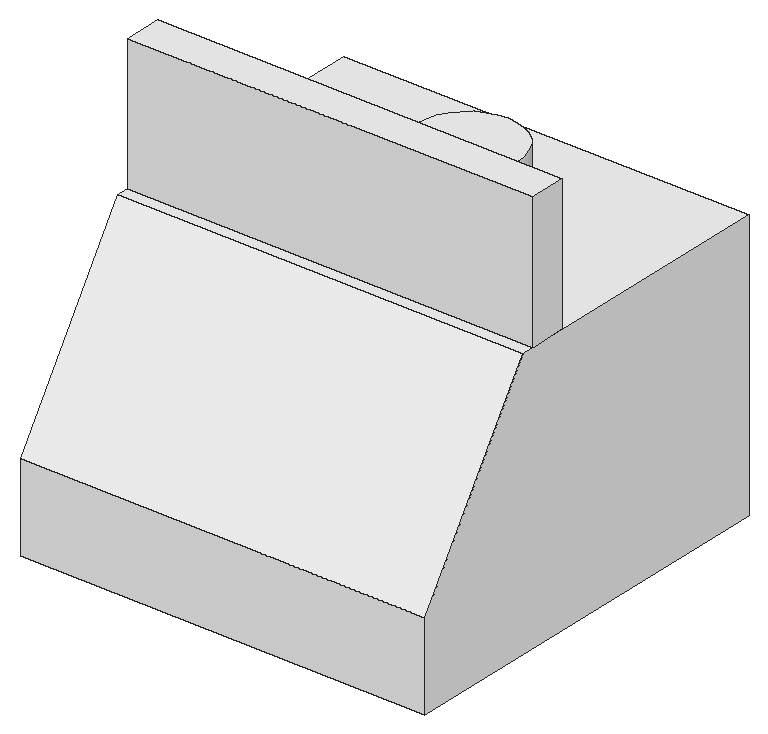
Revit family "v-624_6047k(l)8_k9(-bk)(-bl)_60Hz", category 機械設備, Revit 2019
Family settings
  丸型コネクタ寸法 = 直径を使用
  パーツ タイプ = 標準
  OmniClass 番号 = 23.75.35.17.27
  OmniClass タイトル = Centrifugal Fans
  作業面ベース = いいえ
  常に垂直 = はい
  ロード時にボイドで切り取り = いいえ
  共有 = いいえ
  部屋計算ポイント = いいえ
Parameters (values of type "V-602K9")
  騒音レベル(dB(A)) = 35
  風量 = 425.0 m³/h
  電源種別 [instance] = ""
  電圧 = 100 V
  電動機出力 = 0 W
  電動機_種別 = ""
  集中コントローラ = ""
  運転質量 = 0.00 kg
  連動 [instance] = ""
  質量 = if(製品質量 > 運転質量, 製品質量, 運転質量) * 1.2  # 17.40 kg
  負荷分類 = 3_ファン類
  説明 = "レンジフードファン 深形 標準タイプ"
  設計風量 = 0.0 m³/h
  設置方法 = "天吊"
  記号 [instance] = ""
  製造元 = "三菱電機株式会社"
  製品質量 = 14.50 kg
  製品出荷対象 = "国内"
  製品リリース年月 = "2022年6月1日"
  製品グループ = ""
  系統 [instance] = ""
  符号 = if(☑給気／□排気, "FS", "FE")  # "FE"
  積算_科目 = "2 換気設備"
  積算_拾い区分 [instance] = ""
  相 = 1
  盤記号 [instance] = ""
  発停方法 [instance] = ""
  特殊仕様 [instance] = ""
  火災停止 [instance] = ""
  消費電力 = 56 W
  法定耐用年数 = "15"
  機外静圧_排気 = 210.0 Pa
  機外静圧 = 0.0 Pa
  極数 = 2
  材質 [instance] = ""
  操作・制御方式 = ""
  操作・制御スイッチ = ""
  排気量 = 0.0 m³/h
  形式 = "片吸込形"
  幹線記号 [instance] = ""
  対象室 [instance] = ""
  実風量 = 0.0 m³/h
  始動方式 [instance] = "直入"
  天吊用穴_D_後・上配管 = 255 mm
  天吊用穴_D_右・左配管 = 290 mm
  天吊用穴_ピッチ = 480 mm
  外気量 = 0.0 m³/h
  呼称 = "遠心送風機"
  周波数 = 60 Hz
  参照している仕様書等のバージョン = ""
  分類コード = "50052503100060"
  分類グループ = ""
  価格 = 88200
  企業コード = "108420"
  付属品_フィルター_還気 = ""
  付属品_フィルター = ""
  付属品 [instance] = ""
  仕様書バージョン = "Version1.0"
  モデル = "V-602K9"
  マテリアル = 鋼板(白)
  ファンの種類 = ""
  ダクト径 = 150 mm
  コメント [instance] = ""
  Keynote = ""
  Assembly Code = ""
  ☑給気／□排気 = no
  Width = 600 mm
  W1 = Width / 2  # 300 mm
  Version = ""
  Uniclass2015Version = "Systems v1.9"
  Uniclass2015Title = "Centrifugal fans"
  Uniclass2015Code = "Pr_65_67_29_12"
  URL = "https://www.mitsubishielectric.co.jp/ldg/wink/ssl/displayProduct.do?pid=320889"
  SpecificationReference = ""
  SpecificationDescription = ""
  Revision = ""
  ProductInformation = ""
  OmniClassCode = "23-33 31 19 13 15"
  MIN風量 = 285.0 m³/h
  MIN静圧 = 0.0 Pa
  MID風量 = 0.0 m³/h
  MID静圧 = 0.0 Pa
  MAX風量 = 425.0 m³/h
  MAX静圧 = 0.0 Pa
  IfcTypeProduct = ""
  IfcProduct = ""
  IfcExportType = "CENTRIFUGALFORWARDCURVED"
  IfcExportAs = "IfcFanType"
  Height = 400 mm
  H2 = 600 mm
  H1 = 129 mm
  EAサイズ_D = 148 mm
  Duct_Height = 55 mm
  Duct_D = 145 mm
  Depth = 600 mm
  D3 = 55 mm
  D2 = 400 mm
  D1 = 419 mm
  Clearance Top = 0 mm
  Clearance Right = 0 mm
  Clearance Left = 0 mm
  Clearance Front = 0 mm
  Clearance Bottom = 0 mm
  Clearance Back = 0 mm
  Author = "三菱電機株式会社"
Types (16, lengths in mm): name | 騒音レベル(dB(A)) | 風量 | 質量 | 製品質量 | 消費電力 | 価格 | モデル | マテリアル | Width | W1 | URL | MIN風量 | MID風量 | MAX風量 | H2 | Depth | D2 | D1
  V-602K9 | 35 | 425.0 m³/h | 17.40 kg | 14.50 kg | 56 W | 88200 | "V-602K9" | 鋼板(白) | 600 | 300 | "https://www.mitsubishielectric.co.jp/ldg/wink/ssl/displayProduct.do?pid=320889" | 285.0 m³/h | 0.0 m³/h | 425.0 m³/h | 600 | 600 | 400 | 419
  V-602K9-BK | 35 | 425.0 m³/h | 17.40 kg | 14.50 kg | 56 W | 88200 | "V-602K9-BK" | 鋼板(黒) | 600 | 300 | "https://www.mitsubishielectric.co.jp/ldg/wink/ssl/displayProduct.do?pid=320890" | 285.0 m³/h | 0.0 m³/h | 425.0 m³/h | 600 | 600 | 400 | 419
  V-604K9 | 39 | 575.0 m³/h | 19.80 kg | 16.50 kg | 88 W | 108100 | "V-604K9" | 鋼板(白) | 600 | 300 | "https://www.mitsubishielectric.co.jp/ldg/wink/ssl/displayProduct.do?pid=320909" | 225.0 m³/h | 335.0 m³/h | 575.0 m³/h | 600 | 600 | 400 | 419
  V-604K9-BK | 39 | 575.0 m³/h | 19.80 kg | 16.50 kg | 88 W | 108100 | "V-604K9-BK" | 鋼板(黒) | 600 | 300 | "https://www.mitsubishielectric.co.jp/ldg/wink/ssl/displayProduct.do?pid=320910" | 225.0 m³/h | 335.0 m³/h | 575.0 m³/h | 600 | 600 | 400 | 419
  V-605K9 | 44.5 | 740.0 m³/h | 19.80 kg | 16.50 kg | 154 W | 119200 | "V-605K9" | 鋼板(白) | 600 | 300 | "https://www.mitsubishielectric.co.jp/ldg/wink/ssl/displayProduct.do?pid=320925" | 285.0 m³/h | 415.0 m³/h | 740.0 m³/h | 600 | 600 | 400 | 419
  V-605K9-BK | 44.5 | 740.0 m³/h | 19.80 kg | 16.50 kg | 154 W | 119200 | "V-605K9-BK" | 鋼板(黒) | 600 | 300 | "https://www.mitsubishielectric.co.jp/ldg/wink/ssl/displayProduct.do?pid=320926" | 285.0 m³/h | 415.0 m³/h | 740.0 m³/h | 600 | 600 | 400 | 419
  V-754K9 | 39 | 575.0 m³/h | 22.20 kg | 18.50 kg | 88 W | 144700 | "V-754K9" | 鋼板(白) | 750 | 375 | "https://www.mitsubishielectric.co.jp/ldg/wink/ssl/displayProduct.do?pid=320928" | 225.0 m³/h | 335.0 m³/h | 575.0 m³/h | 600 | 600 | 400 | 419
  V-603K8-BL | 37.5 | 560.0 m³/h | 20.40 kg | 17.00 kg | 83 W | 100700 | "V-603K8-BL" | 鋼板(白) | 600 | 300 | "https://www.mitsubishielectric.co.jp/ldg/wink/ssl/displayProduct.do?pid=320899" | 190.0 m³/h | 335.0 m³/h | 560.0 m³/h | 600 | 650 | 375 | 469
  V-604K8-BL | 42 | 630.0 m³/h | 20.40 kg | 17.00 kg | 133 W | 103500 | "V-604K8-BL" | 鋼板(白) | 600 | 300 | "https://www.mitsubishielectric.co.jp/ldg/wink/ssl/displayProduct.do?pid=320908" | 245.0 m³/h | 345.0 m³/h | 630.0 m³/h | 600 | 650 | 375 | 469
  V-603KL8-BL | 37.5 | 560.0 m³/h | 20.40 kg | 17.00 kg | 83 W | 103500 | "V-603KL8-BL" | 鋼板(白) | 600 | 300 | "https://www.mitsubishielectric.co.jp/ldg/wink/ssl/displayProduct.do?pid=320900" | 190.0 m³/h | 335.0 m³/h | 560.0 m³/h | 600 | 650 | 375 | 469
  V-604KL8-BL | 42 | 630.0 m³/h | 20.40 kg | 17.00 kg | 133 W | 106500 | "V-604KL8-BL" | 鋼板(白) | 600 | 300 | "https://www.mitsubishielectric.co.jp/ldg/wink/ssl/displayProduct.do?pid=320913" | 245.0 m³/h | 345.0 m³/h | 630.0 m³/h | 600 | 650 | 375 | 469
  V-6037K8-BL | 37.5 | 560.0 m³/h | 21.00 kg | 17.50 kg | 83 W | 105100 | "V-6037K8-BL" | 鋼板(白) | 600 | 300 | "https://www.mitsubishielectric.co.jp/ldg/wink/ssl/displayProduct.do?pid=320897" | 190.0 m³/h | 335.0 m³/h | 560.0 m³/h | 700 | 650 | 375 | 469
  V-6037KL8-BL | 37.5 | 560.0 m³/h | 21.00 kg | 17.50 kg | 83 W | 107900 | "V-6037KL8-BL" | 鋼板(白) | 600 | 300 | "https://www.mitsubishielectric.co.jp/ldg/wink/ssl/displayProduct.do?pid=320898" | 190.0 m³/h | 335.0 m³/h | 560.0 m³/h | 700 | 650 | 375 | 469
  V-6047K8-BL | 42 | 630.0 m³/h | 21.00 kg | 17.50 kg | 133 W | 107900 | "V-6047K8-BL" | 鋼板(白) | 600 | 300 | "https://www.mitsubishielectric.co.jp/ldg/wink/ssl/displayProduct.do?pid=320905" | 245.0 m³/h | 345.0 m³/h | 630.0 m³/h | 700 | 650 | 375 | 469
  V-6047KL8-BL | 42 | 630.0 m³/h | 21.00 kg | 17.50 kg | 133 W | 110800 | "V-6047KL8-BL" | 鋼板(白) | 600 | 300 | "https://www.mitsubishielectric.co.jp/ldg/wink/ssl/displayProduct.do?pid=320906" | 245.0 m³/h | 345.0 m³/h | 630.0 m³/h | 700 | 650 | 375 | 469
  V-6027KL8-BL | 37 | 465.0 m³/h | 21.00 kg | 17.50 kg | 74 W | 107900 | "V-6027KL8-BL" | 鋼板(白) | 600 | 300 | "https://www.mitsubishielectric.co.jp/ldg/wink/ssl/displayProduct.do?pid=320888" | 190.0 m³/h | 295.0 m³/h | 465.0 m³/h | 700 | 650 | 375 | 469
Reference planes
  plane 1 "中心(正面/背面)": y = 0
  plane 2: z = 0
  plane 3 "中心(左/右)": x = 0
  plane 4: x = -300
  plane 5: x = 300
  plane 6: y = -600
  plane 7: z = -400
  plane 8: z = -271
  plane 9: z = 55
  plane 10: y = -300
  plane 11: y = -419
  plane 12: y = -145
  plane 13: z = 200
  plane 14: y = -345
  plane 15: y = -400
  plane 16: x = -240
  plane 17: x = 240
  plane 18: y = -255
  plane 19: y = -290
  plane 20: x = -150
  plane 21: x = 150
Forms (mm)
  Extrusion 1, solid, material "鋼板(白)" <- "マテリアル", detail levels fine
    sketch origin (0, 0, 0) x (1, 0, 0) y (0, 1, 0)
      loop
        line (-300, 0) -> (-300, -419) -> (300, -419) -> (300, 0) -> (-300, 0)
    from -400 to 0
  Blend 2, solid, material "鋼板(白)" <- "マテリアル", detail levels fine
    base sketch origin (0, 0, 0) x (1, 0, 0) y (0, 0, 1)
      loop
        line (-300, -400) -> (300, -400) -> (300, 0) -> (-300, 0) -> (-300, -400)
    top sketch origin (0, 0, 0) x (1, 0, 0) y (0, 0, 1)
      loop
        line (-300, -400) -> (300, -400) -> (300, -271) -> (-300, -271) -> (-300, -400)
    from 419 to 600
  Extrusion 3, solid, material "鋼板(白)" <- "マテリアル", detail levels fine
    sketch origin (0, 0, 0) x (1, 0, 0) y (0, 1, 0)
      loop
        circle (0, -145) r 74
    from 0 to 55
  Extrusion 4, solid, material "鋼板(白)" <- "マテリアル", detail levels fine
    sketch origin (0, 0, 0) x (1, 0, 0) y (0, 1, 0)
      loop
        line (-300, -345) -> (-300, -400) -> (300, -400) -> (300, -345) -> (-300, -345)
    from 0 to 200
Cuts and joins
  joined: Extrusion 1, Blend 2
Lines and regions (mm)
  Masking region 1, detail levels coarse+medium
    outline origin (1326.5, 29, 0) x (1, 0, 0) y (0, 1, 0)
      loop
        line (-1626.5, -29) -> (-1626.5, -629) -> (-1026.5, -629) -> (-1026.5, -29) -> (-1626.5, -29)
  symbolic lines, detail levels coarse+medium
    curve 1: circle (-150, -300, 0) r 150 normal (0, 0, 1)
    curve 2: circle (150, -300, 0) r 150 normal (0, 0, 1)
Dimensions and locks
  equal spacing: plane 4, plane 3 "中心(左/右)", plane 5
  "Width": plane 4 to plane 5
  equal spacing: plane 6, plane 10, plane 1 "中心(正面/背面)"
  "Depth": plane 1 "中心(正面/背面)" to plane 6
  "D1": plane 1 "中心(正面/背面)" to plane 11
  "Duct_D": plane 1 "中心(正面/背面)" to plane 12
  "Height": level to plane 7
  "Duct_Height": plane 9 to level
  "H1": plane 8 to plane 7
  "H2": plane 13 to plane 7
  "D3": plane 14 to plane 15
  "D2": plane 1 "中心(正面/背面)" to plane 15
  "天吊用穴_ピッチ": plane 16 to plane 17
  equal spacing: plane 16, plane 3 "中心(左/右)", plane 17
  "天吊用穴_D_後・上配管": plane 1 "中心(正面/背面)" to plane 18
  "天吊用穴_D_右・左配管": plane 1 "中心(正面/背面)" to plane 19
  equal spacing: plane 4, plane 20, plane 3 "中心(左/右)"
  equal spacing: plane 3 "中心(左/右)", plane 21, plane 5
  "EAサイズ_D": diameter of Extrusion 3 sketch curve
  "W1": diameter of curve 1
  "W1": diameter of curve 2
  aligned and locked: level to plane 2
  aligned and locked: Masking region 1 to plane 4
  aligned and locked: plane 5 to Masking region 1
  aligned and locked: Masking region 1 to plane 6
  aligned and locked: Masking region 1 to plane 1 "中心(正面/背面)"
  aligned and locked: plane 1 "中心(正面/背面)" to Extrusion 1 sketch curve
  aligned and locked: plane 4 to Extrusion 1 sketch curve
  aligned and locked: plane 11 to Extrusion 1 sketch curve
  aligned and locked: Extrusion 1 sketch curve to plane 5
  aligned and locked: Blend 2 sketch curve to plane 7  (x2)
  aligned and locked: level to Blend 2 sketch curve
  aligned and locked: Blend 2 sketch curve to plane 5
  aligned and locked: Blend 2 sketch curve to plane 4
  aligned and locked: var sketch to Blend 2 sketch curve
  aligned and locked: Extrusion 1 to plane 7
  aligned and locked: level to Extrusion 1
  aligned and locked: Blend 2 to plane 6
  aligned and locked: plane 11 to Blend 2
  aligned and locked: plane 9 to Extrusion 3
  aligned and locked: Extrusion 3 to level
  aligned and locked: plane 8 to Blend 2 sketch curve
  aligned and locked: Extrusion 4 sketch curve to plane 14
  aligned and locked: plane 4 to Extrusion 4 sketch curve
  aligned and locked: plane 15 to Extrusion 4 sketch curve
  aligned and locked: Extrusion 4 sketch curve to plane 5
  aligned and locked: plane 13 to Extrusion 4
  aligned and locked: Extrusion 4 to level
  aligned and locked: nested 1 to plane 19
  aligned and locked: plane 18 to nested 1
  aligned and locked: plane 16 to nested 1
  aligned and locked: plane 17 to nested 1
Automatic sketch dimensions
  Masking region 1 sketch curve to plane 4 = 0 mm
  Masking region 1 sketch curve to plane 5 = 0 mm
  Masking region 1 sketch curve to plane 6 = 0 mm
  plane 1 "中心(正面/背面)" to Masking region 1 sketch curve = 0 mm
  Blend 2 sketch curve to plane 4 = 0 mm
  Extrusion 3 sketch curve to plane 3 "中心(左/右)" = 0 mm
  Extrusion 3 sketch curve to plane 12 = 0 mm
  curve 1 to plane 10 = 0 mm
  curve 1 to plane 20 = 0 mm
  curve 2 to plane 10 = 0 mm
  curve 2 to plane 21 = 0 mm
Nested families
  nested 1: "固定点" at (-240, -290, 0), type "固定点"
    with W 480 mm, D 35 mm
Connectors
  hvac at (0, -145, 55), driven by "ダクト径", driven by "機外静圧", driven by "風量"
    settings: on Extrusion 3, index 1, duct flow 425.0 m³/h, flow factor 0, pres drop 0.0 Pa, loss coef 0, conn angle 0.00°, conn width 304.8 mm, conn height 304.8 mm, conn diameter 150 mm, duct sys type 3, conn prof type 0, flow config 0, flow direction 2, loss method 4, conn ref index -1, conn util no, is conn primary yes, conn desc ""
  electrical at (0, -209.5, 0), driven by "極数", driven by "負荷分類", driven by "電圧", driven by "消費電力"
    settings: on cut or joined group of Extrusion 1, Blend 2, index 2, voltage 100 V, apparent load 56 VA, apparent load phase1 0 VA, apparent load phase2 0 VA, apparent load phase3 0 VA, power factor 1, load classification "3_ファン類", number of poles 2, system type 30, power factor state 1, is connector primary yes, connector utility no, sub classification motor no, connector description ""
Definition of nested family "固定点"
  Parameters (values of type "固定点")
    中心円 = 20 mm
    W [instance] = 1000 mm
    D [instance] = 1000 mm
  Reference planes
    plane 1 "中心(正面/背面)": y = 0
    plane 2: z = 0
    plane 3 "中心(左/右)": x = 0
    plane 4: x = 1000
    plane 5: y = 1000
  Lines and regions (mm)
    symbolic lines, detail levels fine
      curve 1: circle (0, 1000, 0) r 10 normal (0, 0, 1)
      curve 2: circle (0, 0, 0) r 10 normal (0, 0, 1)
      curve 3: circle (1000, 1000, 0) r 10 normal (0, 0, 1)
      curve 4: circle (1000, 0, 0) r 10 normal (0, 0, 1)
      curve 5: line (-200, 1000, 0) -> (1200, 1000, 0)
      curve 6: line (-200, 0, 0) -> (1200, 0, 0)
      curve 7: line (0, 1200, 0) -> (0, -200, 0)
      curve 8: line (1000, 1200, 0) -> (1000, -200, 0)
  Dimensions and locks
    "W": plane 3 "中心(左/右)" to plane 4
    "D": plane 1 "中心(正面/背面)" to plane 5
    "中心円": diameter of curve 1
    "中心円": diameter of curve 2
    "中心円": diameter of curve 3
    "中心円": diameter of curve 4
    aligned and locked: level to plane 2
    aligned and locked: plane 5 to curve 1
    aligned and locked: plane 3 "中心(左/右)" to curve 1
    aligned and locked: plane 3 "中心(左/右)" to curve 2
    aligned and locked: plane 1 "中心(正面/背面)" to curve 2
    aligned and locked: plane 4 to curve 3
    aligned and locked: plane 5 to curve 3
    aligned and locked: plane 1 "中心(正面/背面)" to curve 4
    aligned and locked: plane 4 to curve 4
    aligned and locked: plane 1 "中心(正面/背面)" to curve 6
    aligned and locked: curve 7 to plane 3 "中心(左/右)"
    aligned and locked: curve 8 to plane 4
  Automatic sketch dimensions
    curve 5 to plane 5 = 0 mm
    curve 6 to plane 3 "中心(左/右)" = 200 mm
    curve 5 to plane 3 "中心(左/右)" = 200 mm
    curve 4 to curve 6 = 200 mm
    curve 3 to curve 5 = 200 mm
    plane 1 "中心(正面/背面)" to curve 8 = 200 mm
    plane 1 "中心(正面/背面)" to curve 7 = 200 mm
    curve 3 to curve 8 = 200 mm
    curve 1 to curve 7 = 200 mm
